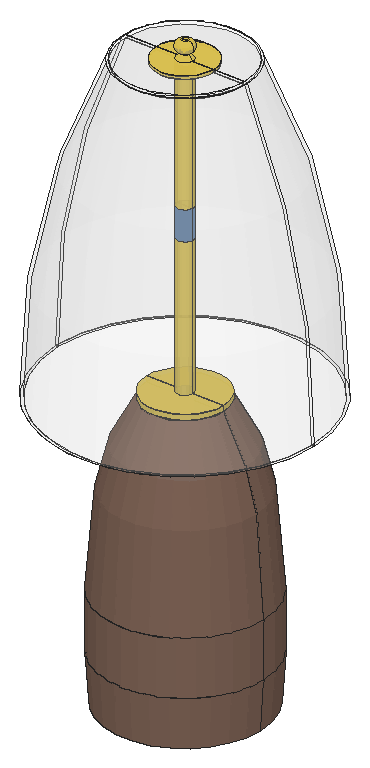
Revit family
Parameters (values of type "TS-990  W180*D180*H402")
  목재 다리 재료 = 사펠리 길이
  Wattage = 100 W
  built-in parameter 1150110 = 1 (stored number, unit not read)
  built-in parameter 1114217 = 1 (stored number, unit not read)
  built-in parameter 1150109 = 1 (stored number, unit not read)
  built-in parameter 1150134 = 4
  built-in parameter 1150113 = 1 (stored number, unit not read)
  Model = ""
  구리 필러 재료 = 황동 - 광택
  햇 재료 = 회색빛 흰색
  Lumens = 1200 lm
  built-in parameter 1150115 = 1 (stored number, unit not read)
  built-in parameter 1150105 = 95.493 (stored number, unit not read)
  Light Source Symbol Size = 609.6 mm
  built-in parameter 1150137 = (empty or 0)
  built-in parameter 1150139 = (empty or 0)
  built-in parameter 1150112 = 1 (stored number, unit not read)
  built-in parameter 1150114 = 1 (stored number, unit not read)
  built-in parameter 1150132 = (empty or 0)
  built-in parameter 1150102 = (empty or 0)
  built-in parameter 1150138 = (empty or 0)
  built-in parameter 1150107 = 2800 (stored number, unit not read)
  built-in parameter 1150106 = 0.95493 (stored number, unit not read)
  built-in parameter 1150104 = 1.1148 (stored number, unit not read)
  Dimming Lamp Color Temperature Shift = (empty or 0)
  Color Filter = 16777215
  built-in parameter 1114218 = 1 (stored number, unit not read)
  built-in parameter 1150133 = 10 (stored number, unit not read)
Reference planes
  plane 1 "광원 축(F/B)": y = 0
  plane 2: z = 0
  plane 3 "광원 축(L/R)": x = 0
  plane 4 "조명원 높이값": z = 399.529
  plane 5: x = -90.001
  plane 6: x = 90.001
  plane 7: y = 90.001
  plane 8: y = -90.001
  plane 9: z = 299.529
Forms (mm)
  Revolve 1, solid, material "사펠리 길이" <- "목재 다리 재료"
    sketch origin (0, 0, 0) x (1, 0, 0) y (0, 0, 1)
      loop
        spline (-55, 32.417) -> (-54.985, 29.956) -> (-54.939, 27.451) -> (-54.864, 24.902) -> (-54.757, 22.31) -> (-54.621, 19.674) -> (-54.454, 16.994) -> (-54.257, 14.271) -> (-54.03, 11.504) -> (-53.772, 8.694) -> (-53.484, 5.839) -> (-53.166, 2.942) -> (-52.817, 0)
        line (-52.817, 0) -> (0, 0) -> (0, 190) -> (-26.783, 190)
        spline (-26.783, 190) -> (-33.27, 179.894) -> (-38.439, 170.122) -> (-42.479, 160.617) -> (-45.576, 151.312) -> (-47.919, 142.14) -> (-49.696, 133.037) -> (-51.072, 123.902) -> (-52.143, 114.527) -> (-52.991, 104.68) -> (-53.696, 94.131) -> (-54.339, 82.648) -> (-55, 70)
        line (-55, 70) -> (-55, 32.417)
      axis (0, 0) -> (0, 190)
    angle from 0 to 360
  Revolve 2, solid, material "황동 - 광택" <- "구리 필러 재료"
    sketch origin (0, 0, 0) x (1, 0, 0) y (0, 0, 1)
      loop
        line (-26.783, 190) -> (0, 190) -> (0, 289.529) -> (-5.531, 289.529) -> (-5.531, 193.675) -> (-26.783, 193.675) -> (-26.783, 190)
      loop
        line (-5.531, 401.516) -> (-20.147, 401.516) -> (-20.147, 399.512) -> (-5.531, 399.512) -> (-5.531, 309.529) -> (0, 309.529) -> (0, 413.12) -> (-2.299, 413.12)
        arc (-2.299, 413.12) -> (-6.155, 409.641) -> (-3.089, 405.449) r 3.876
        arc (-3.089, 405.449) -> (-2.759, 405.158) -> (-2.838, 404.725) r 0.446
        line (-2.838, 404.725) -> (-5.531, 401.516)
      axis (0, 190) -> (0, 413.12)
    angle from 0 to 360
  Revolve 3, solid, material "회색빛 흰색" <- "햇 재료"
    sketch origin (0, 0, 0) x (1, 0, 0) y (0, 0, 1)
      loop
        line (-20.147, 401.564) -> (-41.745, 401.564)
        arc (-41.745, 401.564) -> (-42.646, 401.307) -> (-43.275, 400.613) r 1.708
        arc (-43.275, 400.613) -> (-79.402, 298.162) -> (-90.001, 190.046) r 451.309
        line (-90.001, 190.046) -> (-88.001, 190.046)
        arc (-88.001, 190.046) -> (-77.475, 297.618) -> (-41.563, 399.564) r 449.309
        line (-41.563, 399.564) -> (-20.147, 399.564) -> (-20.147, 401.564)
      axis (0, 190.046) -> (0, 401.564)
    angle from 0 to 360
  Revolve 4, solid, material "유리"
    sketch origin (0, 0, 0) x (1, 0, 0) y (0, 0, 1)
      loop
        line (-5.531, 309.529) -> (-5.531, 289.529) -> (0, 289.529) -> (0, 309.529) -> (-5.531, 309.529)
      axis (0, 309.529) -> (0, 289.529)
    angle from 0 to 360
Dimensions and locks
  equal spacing: plane 5, imposter light, plane 6
  equal spacing: plane 8, plane 1 "광원 축(F/B)", plane 7
  locked: plane 4 "조명원 높이값" to plane 9 at 100
  locked: plane 9 to Revolve 2 sketch curve at 10
  locked: Revolve 2 sketch curve to plane 9 at 10
  aligned and locked: plane 3 "광원 축(L/R)" to imposter light
  aligned and locked: plane 1 "광원 축(F/B)" to imposter light
  aligned and locked: plane 9 to imposter light
  aligned and locked: Revolve 4 sketch curve to Revolve 4 sketch curve  (x2)
Automatic sketch dimensions
  Revolve 1 sketch curve to level = 0 mm
  Revolve 1 sketch curve to plane 3 "광원 축(L/R)" = 0 mm  (x2)
  Revolve 1 sketch curve to plane 3 "광원 축(L/R)" = 26.783 mm
  plane 5 to Revolve 1 sketch curve = 37.184 mm
  Revolve 1 sketch curve to Revolve 1 sketch curve = 2.183 mm
  level to Revolve 1 sketch curve = 32.417 mm
  Revolve 1 sketch curve to Revolve 1 sketch curve = 37.583 mm
  Revolve 1 sketch curve to Revolve 1 sketch curve = 100 mm
  Revolve 1 sketch curve to Revolve 1 sketch curve = 20 mm
  Revolve 1 sketch curve to Revolve 1 sketch curve = 35 mm
  Revolve 3 sketch curve to Revolve 3 sketch curve = 0 mm  (x3)
  Revolve 3 sketch curve to plane 5 = 0 mm
  Revolve 3 sketch curve to plane 3 "광원 축(L/R)" = 0 mm
  plane 5 to Revolve 3 sketch curve = 2.001 mm
  Revolve 3 sketch curve to plane 4 "조명원 높이값" = 1.084 mm
  Revolve 3 sketch curve to plane 3 "광원 축(L/R)" = 43.275 mm
  Revolve 3 sketch curve to plane 4 "조명원 높이값" = 0.326 mm
  Revolve 3 sketch curve to Revolve 3 sketch curve = 1.531 mm
  Revolve 3 sketch curve to plane 4 "조명원 높이값" = 0.035 mm
  Revolve 3 sketch curve to Revolve 3 sketch curve = 0.181 mm
  Revolve 3 sketch curve to plane 3 "광원 축(L/R)" = 20.147 mm
  plane 4 "조명원 높이값" to Revolve 3 sketch curve = 89.529 mm
  Revolve 3 sketch curve to Revolve 3 sketch curve = 15 mm
  Revolve 2 sketch curve to plane 3 "광원 축(L/R)" = 0 mm  (x3)
  Revolve 2 sketch curve to plane 3 "광원 축(L/R)" = 2.299 mm
  Revolve 2 sketch curve to plane 3 "광원 축(L/R)" = 2.838 mm
  Revolve 2 sketch curve to Revolve 2 sketch curve = 0.251 mm
  Revolve 2 sketch curve to Revolve 2 sketch curve = 0 mm  (x2)
  Revolve 2 sketch curve to Revolve 2 sketch curve = 0.091 mm
  Revolve 2 sketch curve to plane 3 "광원 축(L/R)" = 5.531 mm
  Revolve 2 sketch curve to plane 4 "조명원 높이값" = 1.987 mm
  Revolve 2 sketch curve to Revolve 2 sketch curve = 2.693 mm
  plane 4 "조명원 높이값" to Revolve 2 sketch curve = 0.017 mm
  Revolve 2 sketch curve to Revolve 2 sketch curve = 14.616 mm
  Revolve 2 sketch curve to Revolve 2 sketch curve = 21.252 mm
  Revolve 2 sketch curve to Revolve 2 sketch curve = 95.854 mm
  Revolve 2 sketch curve to Revolve 2 sketch curve = 3.675 mm
  Revolve 2 sketch curve to Revolve 2 sketch curve = 3.209 mm
  Revolve 2 sketch curve to Revolve 2 sketch curve = 0.287 mm
  Revolve 2 sketch curve to Revolve 2 sketch curve = 11.88 mm
  Revolve 2 sketch curve to Revolve 2 sketch curve = 35 mm
  Revolve 4 sketch curve to plane 3 "광원 축(L/R)" = 0 mm
  Revolve 4 sketch curve to plane 3 "광원 축(L/R)" = 5.531 mm
  plane 9 to Revolve 4 sketch curve = 10 mm
  Revolve 4 sketch curve to Revolve 4 sketch curve = 0 mm
  Revolve 4 sketch curve to plane 9 = 10 mm
